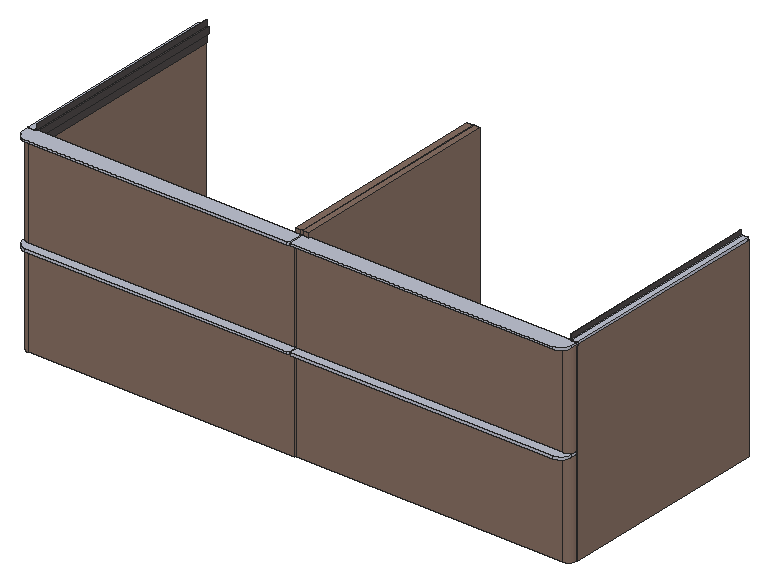
Revit family "vanity unit with 4 drawers for consoles with bowl", category Furniture, Revit 2019 (continued)
Definition of nested family "vanity unit 1360_550 with 4 drawers for consoles with bowl-54086000-high gloss white-chrome-400_content"
  Forms (mm)
    Extrusion 23, solid, visible <- "ContentVisible", detail levels medium+fine
      sketch origin (0, 0, 0) x (1, 0, 0) y (0, 0, -1)
        loop
          line (-662.5, -447) -> (-662.5, -496) -> (-661, -496) -> (-661, -483) -> (-656.4, -483) -> (-656.4, -468.5) -> (-661, -468.5) -> (-661, -447) -> (-662.5, -447)
      from -525 to 0
    Extrusion 24, solid, visible <- "ContentVisible", detail levels medium+fine
      sketch origin (0, 0, 0) x (1, 0, 0) y (0, 0, -1)
        loop
          line (656.4, -468.5) -> (656.4, -483) -> (661, -483) -> (661, -496) -> (662.5, -496) -> (662.5, -447) -> (661, -447) -> (661, -468.5) -> (656.4, -468.5)
      from -525 to 0
    Extrusion 25, solid, visible <- "ContentVisible", detail levels coarse
      sketch origin (0, -285.5, 0) x (1, 0, 0) y (0, 1, 0)
        loop
          line (-680, -285.5) -> (680, -285.5) -> (680, 285.5) -> (-680, 285.5) -> (-680, -285.5)
      from 0 to 496
  Dimensions and locks
    aligned and locked: level to plane 2
Definition of nested family "vanity unit 1360_550 with 4 drawers for consoles with bowl-54086670-high gloss white-matt_black-200_content"
  Parameters (values of type "Vanity unit 1360_550 with 4 drawers for consoles with bowl-54086670-High Gloss White-MATT_BLACK-200_Content")
    etim7_EC011381 = "EC011381"
    WEIGHT = "55.8"
    UNSPSC = "56 | Furniture and Furnishings"
    UNIFORMATII = "E2010 | Fixed Furnishings"
    UNICLASS_2015_CODE = "40_30_78_05"
    UNICLASS2015 = "Pr_40_30_78_05 | Bathroom furniture"
    SURFACE = "MATT_BLACK"
    REGIONSET = "Worldwide"
    PRODUCTURL = "https://pro.hansgrohe.com/articledetail--54086000"
    PRODUCTGROUP = "vanity unit"
    PRODUCTFAMILY = "Xelu Q"
    PERMALINK = "54086XXX"
    OMNICLASS = "23-21 19 15 33 13 | Residential Bathroom Specialty Casework"
    OBJECTTYPE = "Object (single object)"
    OBERFLAECHE = "High Gloss White"
    NN = "Vanity Unit with 4 Drawers for consoles with bowl"
    NBSYN = "$BASENUMBER.-$ARTNR.-$OBERFLAECHE.-$SURFACE.-$LODLEVEL."
    NB = "Vanity unit 1360/550 with 4 drawers for consoles with bowl-54086670-High Gloss White-MATT_BLACK-200"
    NAME = "Xelu Q Vanity unit High Gloss White 1360/550 with 4 drawers for consoles with bowl"
    Model = "Vanity unit 1360/550 with 4 drawers for consoles with bowl-54086670-High Gloss White-MATT_BLACK-200"
    Manufacturer = "Hansgrohe"
    MASTERFORMAT = "12 35 30.23 | Bathroom Casework"
    LODLEVEL = "200"
    LINA = "Vanity unit 1360/550 with 4 drawers for consoles with bowl-54086670-High Gloss White-MATT_BLACK-200"
    L = 1360
    IFC = "Furnishing element"
    GTINCODE = "4059625456972"
    ETIM = "EC011381 | Bathroom furniture set"
    Default Elevation = 1219.2 mm
    DESIGN = "Germany"
    ContentVisible [instance] = yes
    CATALOG = "Hansgrohe"
    BIMOBJECT = "Sanitary: Compound units"
    BASENUMBER = "Vanity unit 1360/550 with 4 drawers for consoles with bowl"
    ARTNR = "54086670"
  Reference planes
    plane 1 "Center (Front/Back)": y = 0
    plane 2: z = 0
    plane 3 "Center (Left/Right)": x = 0
  Forms (mm)
    Extrusion 1, solid, visible <- "ContentVisible", detail levels medium+fine
      sketch origin (0, 0, 0) x (1, 0, 0) y (0, 1, 0)
        loop
          line (-680, 0) -> (-680, -551) -> (680, -551) -> (680, 0) -> (664, 0) -> (664, -117) -> (-664, -117) -> (-664, 0) -> (-680, 0)
      from 0 to 480
    Extrusion 2, solid, visible <- "ContentVisible", detail levels medium+fine
      sketch origin (0, 0, 480) x (1, 0, 0) y (0, 1, 0)
        loop
          line (-678.5, -528.5) -> (-678.5, -571) -> (678.5, -571) -> (678.5, -528.5) -> (-678.5, -528.5)
      from 0 to 5
    Extrusion 3, solid, visible <- "ContentVisible", detail levels medium+fine
      sketch origin (0, 0, 237) x (1, 0, 0) y (0, 1, 0)
        loop
          line (-678.5, -528.5) -> (-678.5, -571) -> (678.5, -571) -> (678.5, -528.5) -> (-678.5, -528.5)
      from 0 to 5
    Extrusion 4, solid, visible <- "ContentVisible", detail levels medium+fine
      sketch origin (0, 0, 0) x (1, 0, 0) y (0, 0, -1)
        loop
          line (-664, -447) -> (-664, -485) -> (-662.5, -485) -> (-662.5, -447) -> (-664, -447)
      from -528.5 to 0
    Extrusion 5, solid, visible <- "ContentVisible", detail levels medium+fine
      sketch origin (0, 0, 0) x (1, 0, 0) y (0, 0, -1)
        loop
          line (662.5, -446.8) -> (662.5, -485) -> (664, -485) -> (664, -446.8) -> (662.5, -446.8)
      from -528.5 to 0
    Extrusion 6, solid, visible <- "ContentVisible", detail levels medium+fine
      sketch origin (0, 0, 480) x (1, 0, 0) y (0, 1, 0)
        loop
          line (-680, 0) -> (-680, -530) -> (-664, -530) -> (-664, 0) -> (-680, 0)
      from 0 to 5
    Extrusion 7, solid, visible <- "ContentVisible", detail levels medium+fine
      sketch origin (0, 0, 480) x (1, 0, 0) y (0, 1, 0)
        loop
          line (664, 0) -> (664, -530) -> (680, -530) -> (680, 0) -> (664, 0)
      from 0 to 5
    Extrusion 8, solid, visible <- "ContentVisible", detail levels medium+fine
      sketch origin (0, 0, 0) x (1, 0, 0) y (0, 0, -1)
        loop
          line (-662.5, -447) -> (-662.5, -496) -> (-656.4, -496) -> (-656.4, -447) -> (-662.5, -447)
      from -528.5 to 0
    Extrusion 9, solid, visible <- "ContentVisible", detail levels medium+fine
      sketch origin (0, 0, 0) x (1, 0, 0) y (0, 0, -1)
        loop
          line (656.4, -447) -> (656.4, -496) -> (662.5, -496) -> (662.5, -447) -> (656.4, -447)
      from -528.5 to 0
    Extrusion 10, solid, visible <- "ContentVisible", detail levels coarse
      sketch origin (0, -285.5, 0) x (1, 0, 0) y (0, 1, 0)
        loop
          line (-680, -285.5) -> (680, -285.5) -> (680, 285.5) -> (-680, 285.5) -> (-680, -285.5)
      from 0 to 496
  Dimensions and locks
    aligned and locked: level to plane 2
Definition of nested family "vanity unit 1360_550 with 4 drawers for consoles with bowl-54086670-high gloss white-matt_black-400_content"
  Parameters (values of type "Vanity unit 1360_550 with 4 drawers for consoles with bowl-54086670-High Gloss White-MATT_BLACK-400_Content")
    etim7_EC011381 = "EC011381"
    WEIGHT = "55.8"
    UNSPSC = "56 | Furniture and Furnishings"
    UNIFORMATII = "E2010 | Fixed Furnishings"
    UNICLASS_2015_CODE = "40_30_78_05"
    UNICLASS2015 = "Pr_40_30_78_05 | Bathroom furniture"
    SURFACE = "MATT_BLACK"
    REGIONSET = "Worldwide"
    PRODUCTURL = "https://pro.hansgrohe.com/articledetail--54086000"
    PRODUCTGROUP = "vanity unit"
    PRODUCTFAMILY = "Xelu Q"
    PERMALINK = "54086XXX"
    OMNICLASS = "23-21 19 15 33 13 | Residential Bathroom Specialty Casework"
    OBJECTTYPE = "Object (single object)"
    OBERFLAECHE = "High Gloss White"
    NN = "Vanity Unit with 4 Drawers for consoles with bowl"
    NBSYN = "$BASENUMBER.-$ARTNR.-$OBERFLAECHE.-$SURFACE.-$LODLEVEL."
    NB = "Vanity unit 1360/550 with 4 drawers for consoles with bowl-54086670-High Gloss White-MATT_BLACK-400"
    NAME = "Xelu Q Vanity unit High Gloss White 1360/550 with 4 drawers for consoles with bowl"
    Model = "Vanity unit 1360/550 with 4 drawers for consoles with bowl-54086670-High Gloss White-MATT_BLACK-400"
    Manufacturer = "Hansgrohe"
    MASTERFORMAT = "12 35 30.23 | Bathroom Casework"
    LODLEVEL = "400"
    LINA = "Vanity unit 1360/550 with 4 drawers for consoles with bowl-54086670-High Gloss White-MATT_BLACK-400"
    L = 1360
    IFC = "Furnishing element"
    GTINCODE = "4059625456972"
    ETIM = "EC011381 | Bathroom furniture set"
    Default Elevation = 1219.2 mm
    DESIGN = "Germany"
    ContentVisible [instance] = yes
    CATALOG = "Hansgrohe"
    BIMOBJECT = "Sanitary: Compound units"
    BASENUMBER = "Vanity unit 1360/550 with 4 drawers for consoles with bowl"
    ARTNR = "54086670"
  Reference planes
    plane 1 "Center (Front/Back)": y = 0
    plane 2: z = 0
    plane 3 "Center (Left/Right)": x = 0
  Forms (mm)
    Extrusion 1, solid, visible <- "ContentVisible", detail levels medium+fine
      sketch origin (0, 0, 0) x (1, 0, 0) y (0, 1, 0)
        loop
          line (-680, 0) -> (-680, -527)
          arc (-680, -527) -> (-679.121, -529.121) -> (-677, -530) r 3
          line (-677, -530) -> (-664, -530) -> (-664, 0) -> (-680, 0)
      from 0 to 480
    Extrusion 2, solid, visible <- "ContentVisible", detail levels medium+fine
      sketch origin (0, 0, 0) x (1, 0, 0) y (0, 1, 0)
        loop
          line (-664, -133) -> (-664, -499.5) -> (-16, -499.5) -> (-16, -133) -> (-664, -133)
      from 0 to 16
    Extrusion 3, solid, visible <- "ContentVisible", detail levels medium+fine
      sketch origin (0, 0, 0) x (1, 0, 0) y (0, 1, 0)
        loop
          line (-16, 0) -> (-16, -530) -> (-3, -530)
          arc (-3, -530) -> (-0.879, -529.121) -> (0, -527) r 3
          line (0, -527) -> (0, 0) -> (-16, 0)
      from 0 to 496
    Extrusion 4, solid, visible <- "ContentVisible", detail levels medium+fine
      sketch origin (0, 0, 0) x (1, 0, 0) y (0, 1, 0)
        loop
          line (0, 0) -> (0, -527)
          arc (0, -527) -> (0.879, -529.121) -> (3, -530) r 3
          line (3, -530) -> (16, -530) -> (16, 0) -> (0, 0)
      from 0 to 496
    Extrusion 5, solid, visible <- "ContentVisible", detail levels medium+fine
      sketch origin (0, 0, 0) x (1, 0, 0) y (0, 1, 0)
        loop
          line (16, -499.5) -> (664, -499.5) -> (664, -133) -> (16, -133) -> (16, -499.5)
      from 0 to 16
    Extrusion 6, solid, visible <- "ContentVisible", detail levels medium+fine
      sketch origin (0, 0, 0) x (1, 0, 0) y (0, 1, 0)
        loop
          line (664, 0) -> (664, -530) -> (677, -530)
          arc (677, -530) -> (679.121, -529.121) -> (680, -527) r 3
          line (680, -527) -> (680, 0) -> (664, 0)
      from 0 to 480
    Extrusion 7, solid, visible <- "ContentVisible", detail levels medium+fine
      sketch origin (0, 0, 0) x (1, 0, 0) y (0, 1, 0)
        loop
          line (-664, -117) -> (-664, -133) -> (664, -133) -> (664, -117) -> (-664, -117)
      from 0 to 126
    Extrusion 8, solid, visible <- "ContentVisible", detail levels medium+fine
      sketch origin (0, 0, 2) x (1, 0, 0) y (0, 1, 0)
        loop
          arc (-680, -532) -> (-674.435, -545.435) -> (-661, -551) r 19
          line (-661, -551) -> (-2.5, -551)
          arc (-2.5, -551) -> (-1.793, -550.707) -> (-1.5, -550) r 1
          line (-1.5, -550) -> (-1.5, -530) -> (-680, -530) -> (-680, -532)
      from 0 to 235
    Extrusion 9, solid, visible <- "ContentVisible", detail levels medium+fine
      sketch origin (0, 0, 2) x (1, 0, 0) y (0, 1, 0)
        loop
          arc (1.5, -550) -> (1.793, -550.707) -> (2.5, -551) r 1
          line (2.5, -551) -> (661, -551)
          arc (661, -551) -> (674.435, -545.435) -> (680, -532) r 19
          line (680, -532) -> (680, -530) -> (1.5, -530) -> (1.5, -550)
      from 0 to 235
    Extrusion 10, solid, visible <- "ContentVisible", detail levels medium+fine
      sketch origin (0, 0, 237) x (1, 0, 0) y (0, 1, 0)
        loop
          line (-678.5, -530) -> (-678.5, -546)
          arc (-678.5, -546) -> (-671.178, -563.678) -> (-653.5, -571) r 25
          line (-653.5, -571) -> (-4.5, -571)
          arc (-4.5, -571) -> (-2.379, -570.121) -> (-1.5, -568) r 3
          line (-1.5, -568) -> (-1.5, -528.5) -> (-658.5, -528.5) -> (-658.5, -530) -> (-678.5, -530)
      from 0 to 5
    Extrusion 11, solid, visible <- "ContentVisible", detail levels medium+fine
      sketch origin (0, 0, 237) x (1, 0, 0) y (0, 1, 0)
        loop
          arc (1.5, -568) -> (2.379, -570.121) -> (4.5, -571) r 3
          line (4.5, -571) -> (653.5, -571)
          arc (653.5, -571) -> (671.178, -563.678) -> (678.5, -546) r 25
          line (678.5, -546) -> (678.5, -530) -> (658.5, -530) -> (658.5, -528.5) -> (1.5, -528.5) -> (1.5, -568)
      from 0 to 5
    Extrusion 12, solid, visible <- "ContentVisible", detail levels medium+fine
      sketch origin (0, 0, 245) x (1, 0, 0) y (0, 1, 0)
        loop
          arc (-680, -532) -> (-674.435, -545.435) -> (-661, -551) r 19
          line (-661, -551) -> (-2.5, -551)
          arc (-2.5, -551) -> (-1.793, -550.707) -> (-1.5, -550) r 1
          line (-1.5, -550) -> (-1.5, -530) -> (-680, -530) -> (-680, -532)
      from 0 to 235
    Extrusion 13, solid, visible <- "ContentVisible", detail levels medium+fine
      sketch origin (0, 0, 245) x (1, 0, 0) y (0, 1, 0)
        loop
          arc (1.5, -550) -> (1.793, -550.707) -> (2.5, -551) r 1
          line (2.5, -551) -> (661, -551)
          arc (661, -551) -> (674.435, -545.435) -> (680, -532) r 19
          line (680, -532) -> (680, -530) -> (1.5, -530) -> (1.5, -550)
      from 0 to 235
    Extrusion 14, solid, visible <- "ContentVisible", detail levels medium+fine
      sketch origin (0, 0, 480) x (1, 0, 0) y (0, 1, 0)
        loop
          line (-678.5, -530) -> (-678.5, -546)
          arc (-678.5, -546) -> (-671.178, -563.678) -> (-653.5, -571) r 25
          line (-653.5, -571) -> (-4.5, -571)
          arc (-4.5, -571) -> (-2.379, -570.121) -> (-1.5, -568) r 3
          line (-1.5, -568) -> (-1.5, -528.5) -> (-658.5, -528.5) -> (-658.5, -530) -> (-678.5, -530)
      from 0 to 5
    Extrusion 15, solid, visible <- "ContentVisible", detail levels medium+fine
      sketch origin (0, 0, 480) x (1, 0, 0) y (0, 1, 0)
        loop
          arc (1.5, -568) -> (2.379, -570.121) -> (4.5, -571) r 3
          line (4.5, -571) -> (653.5, -571)
          arc (653.5, -571) -> (671.178, -563.678) -> (678.5, -546) r 25
          line (678.5, -546) -> (678.5, -530) -> (658.5, -530) -> (658.5, -528.5) -> (1.5, -528.5) -> (1.5, -568)
      from 0 to 5
    Extrusion 16, solid, visible <- "ContentVisible", detail levels medium+fine
      sketch origin (-1.5, 0, 0) x (0, 0, -1) y (0, 1, 0)
        loop
          line (-480, -528.5) -> (-480, -530) -> (-450, -530) -> (-450, -528.5) -> (-480, -528.5)
      from -664 to 0
    Extrusion 17, solid, visible <- "ContentVisible", detail levels medium+fine
      sketch origin (1.5, 0, 0) x (0, 0, -1) y (0, 1, 0)
        loop
          line (-480, -528.5) -> (-480, -530) -> (-450, -530) -> (-450, -528.5) -> (-480, -528.5)
      from 0 to 664
    Extrusion 18, solid, visible <- "ContentVisible", detail levels medium+fine
      sketch origin (1.5, 0, 0) x (0, 0, -1) y (0, 1, 0)
        loop
          line (-242, -528.5) -> (-242, -530) -> (-212, -530) -> (-212, -528.5) -> (-242, -528.5)
      from -664 to 664
    Extrusion 19, solid, visible <- "ContentVisible", detail levels medium+fine
      sketch origin (0, 0, 0) x (1, 0, 0) y (0, 0, -1)
        loop
          line (-664, -447) -> (-664, -485) -> (-662.5, -485) -> (-662.5, -447) -> (-664, -447)
      from -528.5 to 0
    Extrusion 20, solid, visible <- "ContentVisible", detail levels medium+fine
      sketch origin (0, 0, 0) x (1, 0, 0) y (0, 0, -1)
        loop
          line (662.5, -446.8) -> (662.5, -485) -> (664, -485) -> (664, -446.8) -> (662.5, -446.8)
      from -528.5 to 0
    Extrusion 21, solid, visible <- "ContentVisible", detail levels medium+fine
      sketch origin (0, 0, 480) x (1, 0, 0) y (0, 1, 0)
        loop
          line (-680, -3) -> (-680, -527)
          arc (-680, -527) -> (-679.121, -529.121) -> (-677, -530) r 3
          line (-677, -530) -> (-664, -530) -> (-664, 0) -> (-677, 0)
          arc (-677, 0) -> (-679.121, -0.879) -> (-680, -3) r 3
      from 0 to 5
    Extrusion 22, solid, visible <- "ContentVisible", detail levels medium+fine
      sketch origin (0, 0, 480) x (1, 0, 0) y (0, 1, 0)
        loop
          line (664, 0) -> (664, -530) -> (677, -530)
          arc (677, -530) -> (679.121, -529.121) -> (680, -527) r 3
          line (680, -527) -> (680, -3)
          arc (680, -3) -> (679.121, -0.879) -> (677, 0) r 3
          line (677, 0) -> (664, 0)
      from 0 to 5
    Extrusion 23, solid, visible <- "ContentVisible", detail levels medium+fine
      sketch origin (0, 0, 0) x (1, 0, 0) y (0, 0, -1)
        loop
          line (-662.5, -447) -> (-662.5, -496) -> (-661, -496) -> (-661, -483) -> (-656.4, -483) -> (-656.4, -468.5) -> (-661, -468.5) -> (-661, -447) -> (-662.5, -447)
      from -525 to 0
    Extrusion 24, solid, visible <- "ContentVisible", detail levels medium+fine
      sketch origin (0, 0, 0) x (1, 0, 0) y (0, 0, -1)
        loop
          line (656.4, -468.5) -> (656.4, -483) -> (661, -483) -> (661, -496) -> (662.5, -496) -> (662.5, -447) -> (661, -447) -> (661, -468.5) -> (656.4, -468.5)
      from -525 to 0
    Extrusion 25, solid, visible <- "ContentVisible", detail levels coarse
      sketch origin (0, -285.5, 0) x (1, 0, 0) y (0, 1, 0)
        loop
          line (-680, -285.5) -> (680, -285.5) -> (680, 285.5) -> (-680, 285.5) -> (-680, -285.5)
      from 0 to 496
  Dimensions and locks
    aligned and locked: level to plane 2
Definition of nested family "vanity unit 1360_550 with 4 drawers for consoles with bowl-54086700-high gloss white-matt_white-200_content"
  Parameters (values of type "Vanity unit 1360_550 with 4 drawers for consoles with bowl-54086700-High Gloss White-MATT_WHITE-200_Content")
    etim7_EC011381 = "EC011381"
    WEIGHT = "55.8"
    UNSPSC = "56 | Furniture and Furnishings"
    UNIFORMATII = "E2010 | Fixed Furnishings"
    UNICLASS_2015_CODE = "40_30_78_05"
    UNICLASS2015 = "Pr_40_30_78_05 | Bathroom furniture"
    SURFACE = "MATT_WHITE"
    REGIONSET = "Worldwide"
    PRODUCTURL = "https://pro.hansgrohe.com/articledetail--54086000"
    PRODUCTGROUP = "vanity unit"
    PRODUCTFAMILY = "Xelu Q"
    PERMALINK = "54086XXX"
    OMNICLASS = "23-21 19 15 33 13 | Residential Bathroom Specialty Casework"
    OBJECTTYPE = "Object (single object)"
    OBERFLAECHE = "High Gloss White"
    NN = "Vanity Unit with 4 Drawers for consoles with bowl"
    NBSYN = "$BASENUMBER.-$ARTNR.-$OBERFLAECHE.-$SURFACE.-$LODLEVEL."
    NB = "Vanity unit 1360/550 with 4 drawers for consoles with bowl-54086700-High Gloss White-MATT_WHITE-200"
    NAME = "Xelu Q Vanity unit High Gloss White 1360/550 with 4 drawers for consoles with bowl"
    Model = "Vanity unit 1360/550 with 4 drawers for consoles with bowl-54086700-High Gloss White-MATT_WHITE-200"
    Manufacturer = "Hansgrohe"
    MASTERFORMAT = "12 35 30.23 | Bathroom Casework"
    LODLEVEL = "200"
    LINA = "Vanity unit 1360/550 with 4 drawers for consoles with bowl-54086700-High Gloss White-MATT_WHITE-200"
    L = 1360
    IFC = "Furnishing element"
    GTINCODE = "4059625456972"
    ETIM = "EC011381 | Bathroom furniture set"
    Default Elevation = 1219.2 mm
    DESIGN = "Germany"
    ContentVisible [instance] = yes
    CATALOG = "Hansgrohe"
    BIMOBJECT = "Sanitary: Compound units"
    BASENUMBER = "Vanity unit 1360/550 with 4 drawers for consoles with bowl"
    ARTNR = "54086700"
  Reference planes
    plane 1 "Center (Front/Back)": y = 0
    plane 2: z = 0
    plane 3 "Center (Left/Right)": x = 0
  Forms (mm)
    Extrusion 1, solid, visible <- "ContentVisible", detail levels medium+fine
      sketch origin (0, 0, 0) x (1, 0, 0) y (0, 1, 0)
        loop
          line (-680, 0) -> (-680, -551) -> (680, -551) -> (680, 0) -> (664, 0) -> (664, -117) -> (-664, -117) -> (-664, 0) -> (-680, 0)
      from 0 to 480
    Extrusion 2, solid, visible <- "ContentVisible", detail levels medium+fine
      sketch origin (0, 0, 480) x (1, 0, 0) y (0, 1, 0)
        loop
          line (-678.5, -528.5) -> (-678.5, -571) -> (678.5, -571) -> (678.5, -528.5) -> (-678.5, -528.5)
      from 0 to 5
    Extrusion 3, solid, visible <- "ContentVisible", detail levels medium+fine
      sketch origin (0, 0, 237) x (1, 0, 0) y (0, 1, 0)
        loop
          line (-678.5, -528.5) -> (-678.5, -571) -> (678.5, -571) -> (678.5, -528.5) -> (-678.5, -528.5)
      from 0 to 5
    Extrusion 4, solid, visible <- "ContentVisible", detail levels medium+fine
      sketch origin (0, 0, 0) x (1, 0, 0) y (0, 0, -1)
        loop
          line (-664, -447) -> (-664, -485) -> (-662.5, -485) -> (-662.5, -447) -> (-664, -447)
      from -528.5 to 0
    Extrusion 5, solid, visible <- "ContentVisible", detail levels medium+fine
      sketch origin (0, 0, 0) x (1, 0, 0) y (0, 0, -1)
        loop
          line (662.5, -446.8) -> (662.5, -485) -> (664, -485) -> (664, -446.8) -> (662.5, -446.8)
      from -528.5 to 0
    Extrusion 6, solid, visible <- "ContentVisible", detail levels medium+fine
      sketch origin (0, 0, 480) x (1, 0, 0) y (0, 1, 0)
        loop
          line (-680, 0) -> (-680, -530) -> (-664, -530) -> (-664, 0) -> (-680, 0)
      from 0 to 5
    Extrusion 7, solid, visible <- "ContentVisible", detail levels medium+fine
      sketch origin (0, 0, 480) x (1, 0, 0) y (0, 1, 0)
        loop
          line (664, 0) -> (664, -530) -> (680, -530) -> (680, 0) -> (664, 0)
      from 0 to 5
    Extrusion 8, solid, visible <- "ContentVisible", detail levels medium+fine
      sketch origin (0, 0, 0) x (1, 0, 0) y (0, 0, -1)
        loop
          line (-662.5, -447) -> (-662.5, -496) -> (-656.4, -496) -> (-656.4, -447) -> (-662.5, -447)
      from -528.5 to 0
    Extrusion 9, solid, visible <- "ContentVisible", detail levels medium+fine
      sketch origin (0, 0, 0) x (1, 0, 0) y (0, 0, -1)
        loop
          line (656.4, -447) -> (656.4, -496) -> (662.5, -496) -> (662.5, -447) -> (656.4, -447)
      from -528.5 to 0
    Extrusion 10, solid, visible <- "ContentVisible", detail levels coarse
      sketch origin (0, -285.5, 0) x (1, 0, 0) y (0, 1, 0)
        loop
          line (-680, -285.5) -> (680, -285.5) -> (680, 285.5) -> (-680, 285.5) -> (-680, -285.5)
      from 0 to 496
  Dimensions and locks
    aligned and locked: level to plane 2
Definition of nested family "vanity unit 1360_550 with 4 drawers for consoles with bowl-54086700-high gloss white-matt_white-400_content"
  Parameters (values of type "Vanity unit 1360_550 with 4 drawers for consoles with bowl-54086700-High Gloss White-MATT_WHITE-400_Content")
    etim7_EC011381 = "EC011381"
    WEIGHT = "55.8"
    UNSPSC = "56 | Furniture and Furnishings"
    UNIFORMATII = "E2010 | Fixed Furnishings"
    UNICLASS_2015_CODE = "40_30_78_05"
    UNICLASS2015 = "Pr_40_30_78_05 | Bathroom furniture"
    SURFACE = "MATT_WHITE"
    REGIONSET = "Worldwide"
    PRODUCTURL = "https://pro.hansgrohe.com/articledetail--54086000"
    PRODUCTGROUP = "vanity unit"
    PRODUCTFAMILY = "Xelu Q"
    PERMALINK = "54086XXX"
    OMNICLASS = "23-21 19 15 33 13 | Residential Bathroom Specialty Casework"
    OBJECTTYPE = "Object (single object)"
    OBERFLAECHE = "High Gloss White"
    NN = "Vanity Unit with 4 Drawers for consoles with bowl"
    NBSYN = "$BASENUMBER.-$ARTNR.-$OBERFLAECHE.-$SURFACE.-$LODLEVEL."
    NB = "Vanity unit 1360/550 with 4 drawers for consoles with bowl-54086700-High Gloss White-MATT_WHITE-400"
    NAME = "Xelu Q Vanity unit High Gloss White 1360/550 with 4 drawers for consoles with bowl"
    Model = "Vanity unit 1360/550 with 4 drawers for consoles with bowl-54086700-High Gloss White-MATT_WHITE-400"
    Manufacturer = "Hansgrohe"
    MASTERFORMAT = "12 35 30.23 | Bathroom Casework"
    LODLEVEL = "400"
    LINA = "Vanity unit 1360/550 with 4 drawers for consoles with bowl-54086700-High Gloss White-MATT_WHITE-400"
    L = 1360
    IFC = "Furnishing element"
    GTINCODE = "4059625456972"
    ETIM = "EC011381 | Bathroom furniture set"
    Default Elevation = 1219.2 mm
    DESIGN = "Germany"
    ContentVisible [instance] = yes
    CATALOG = "Hansgrohe"
    BIMOBJECT = "Sanitary: Compound units"
    BASENUMBER = "Vanity unit 1360/550 with 4 drawers for consoles with bowl"
    ARTNR = "54086700"
  Reference planes
    plane 1 "Center (Front/Back)": y = 0
    plane 2: z = 0
    plane 3 "Center (Left/Right)": x = 0
  Forms (mm)
    Extrusion 1, solid, visible <- "ContentVisible", detail levels medium+fine
      sketch origin (0, 0, 0) x (1, 0, 0) y (0, 1, 0)
        loop
          line (-680, 0) -> (-680, -527)
          arc (-680, -527) -> (-679.121, -529.121) -> (-677, -530) r 3
          line (-677, -530) -> (-664, -530) -> (-664, 0) -> (-680, 0)
      from 0 to 480
    Extrusion 2, solid, visible <- "ContentVisible", detail levels medium+fine
      sketch origin (0, 0, 0) x (1, 0, 0) y (0, 1, 0)
        loop
          line (-664, -133) -> (-664, -499.5) -> (-16, -499.5) -> (-16, -133) -> (-664, -133)
      from 0 to 16
    Extrusion 3, solid, visible <- "ContentVisible", detail levels medium+fine
      sketch origin (0, 0, 0) x (1, 0, 0) y (0, 1, 0)
        loop
          line (-16, 0) -> (-16, -530) -> (-3, -530)
          arc (-3, -530) -> (-0.879, -529.121) -> (0, -527) r 3
          line (0, -527) -> (0, 0) -> (-16, 0)
      from 0 to 496
    Extrusion 4, solid, visible <- "ContentVisible", detail levels medium+fine
      sketch origin (0, 0, 0) x (1, 0, 0) y (0, 1, 0)
        loop
          line (0, 0) -> (0, -527)
          arc (0, -527) -> (0.879, -529.121) -> (3, -530) r 3
          line (3, -530) -> (16, -530) -> (16, 0) -> (0, 0)
      from 0 to 496
    Extrusion 5, solid, visible <- "ContentVisible", detail levels medium+fine
      sketch origin (0, 0, 0) x (1, 0, 0) y (0, 1, 0)
        loop
          line (16, -499.5) -> (664, -499.5) -> (664, -133) -> (16, -133) -> (16, -499.5)
      from 0 to 16
    Extrusion 6, solid, visible <- "ContentVisible", detail levels medium+fine
      sketch origin (0, 0, 0) x (1, 0, 0) y (0, 1, 0)
        loop
          line (664, 0) -> (664, -530) -> (677, -530)
          arc (677, -530) -> (679.121, -529.121) -> (680, -527) r 3
          line (680, -527) -> (680, 0) -> (664, 0)
      from 0 to 480
    Extrusion 7, solid, visible <- "ContentVisible", detail levels medium+fine
      sketch origin (0, 0, 0) x (1, 0, 0) y (0, 1, 0)
        loop
          line (-664, -117) -> (-664, -133) -> (664, -133) -> (664, -117) -> (-664, -117)
      from 0 to 126
    Extrusion 8, solid, visible <- "ContentVisible", detail levels medium+fine
      sketch origin (0, 0, 2) x (1, 0, 0) y (0, 1, 0)
        loop
          arc (-680, -532) -> (-674.435, -545.435) -> (-661, -551) r 19
          line (-661, -551) -> (-2.5, -551)
          arc (-2.5, -551) -> (-1.793, -550.707) -> (-1.5, -550) r 1
          line (-1.5, -550) -> (-1.5, -530) -> (-680, -530) -> (-680, -532)
      from 0 to 235
    Extrusion 9, solid, visible <- "ContentVisible", detail levels medium+fine
      sketch origin (0, 0, 2) x (1, 0, 0) y (0, 1, 0)
        loop
          arc (1.5, -550) -> (1.793, -550.707) -> (2.5, -551) r 1
          line (2.5, -551) -> (661, -551)
          arc (661, -551) -> (674.435, -545.435) -> (680, -532) r 19
          line (680, -532) -> (680, -530) -> (1.5, -530) -> (1.5, -550)
      from 0 to 235
    Extrusion 10, solid, visible <- "ContentVisible", detail levels medium+fine
      sketch origin (0, 0, 237) x (1, 0, 0) y (0, 1, 0)
        loop
          line (-678.5, -530) -> (-678.5, -546)
          arc (-678.5, -546) -> (-671.178, -563.678) -> (-653.5, -571) r 25
          line (-653.5, -571) -> (-4.5, -571)
          arc (-4.5, -571) -> (-2.379, -570.121) -> (-1.5, -568) r 3
          line (-1.5, -568) -> (-1.5, -528.5) -> (-658.5, -528.5) -> (-658.5, -530) -> (-678.5, -530)
      from 0 to 5
    Extrusion 11, solid, visible <- "ContentVisible", detail levels medium+fine
      sketch origin (0, 0, 237) x (1, 0, 0) y (0, 1, 0)
        loop
          arc (1.5, -568) -> (2.379, -570.121) -> (4.5, -571) r 3
          line (4.5, -571) -> (653.5, -571)
          arc (653.5, -571) -> (671.178, -563.678) -> (678.5, -546) r 25
          line (678.5, -546) -> (678.5, -530) -> (658.5, -530) -> (658.5, -528.5) -> (1.5, -528.5) -> (1.5, -568)
      from 0 to 5
    Extrusion 12, solid, visible <- "ContentVisible", detail levels medium+fine
      sketch origin (0, 0, 245) x (1, 0, 0) y (0, 1, 0)
        loop
          arc (-680, -532) -> (-674.435, -545.435) -> (-661, -551) r 19
          line (-661, -551) -> (-2.5, -551)
          arc (-2.5, -551) -> (-1.793, -550.707) -> (-1.5, -550) r 1
          line (-1.5, -550) -> (-1.5, -530) -> (-680, -530) -> (-680, -532)
      from 0 to 235
    Extrusion 13, solid, visible <- "ContentVisible", detail levels medium+fine
      sketch origin (0, 0, 245) x (1, 0, 0) y (0, 1, 0)
        loop
          arc (1.5, -550) -> (1.793, -550.707) -> (2.5, -551) r 1
          line (2.5, -551) -> (661, -551)
          arc (661, -551) -> (674.435, -545.435) -> (680, -532) r 19
          line (680, -532) -> (680, -530) -> (1.5, -530) -> (1.5, -550)
      from 0 to 235
    Extrusion 14, solid, visible <- "ContentVisible", detail levels medium+fine
      sketch origin (0, 0, 480) x (1, 0, 0) y (0, 1, 0)
        loop
          line (-678.5, -530) -> (-678.5, -546)
          arc (-678.5, -546) -> (-671.178, -563.678) -> (-653.5, -571) r 25
          line (-653.5, -571) -> (-4.5, -571)
          arc (-4.5, -571) -> (-2.379, -570.121) -> (-1.5, -568) r 3
          line (-1.5, -568) -> (-1.5, -528.5) -> (-658.5, -528.5) -> (-658.5, -530) -> (-678.5, -530)
      from 0 to 5
    Extrusion 15, solid, visible <- "ContentVisible", detail levels medium+fine
      sketch origin (0, 0, 480) x (1, 0, 0) y (0, 1, 0)
        loop
          arc (1.5, -568) -> (2.379, -570.121) -> (4.5, -571) r 3
          line (4.5, -571) -> (653.5, -571)
          arc (653.5, -571) -> (671.178, -563.678) -> (678.5, -546) r 25
          line (678.5, -546) -> (678.5, -530) -> (658.5, -530) -> (658.5, -528.5) -> (1.5, -528.5) -> (1.5, -568)
      from 0 to 5
    Extrusion 16, solid, visible <- "ContentVisible", detail levels medium+fine
      sketch origin (-1.5, 0, 0) x (0, 0, -1) y (0, 1, 0)
        loop
          line (-480, -528.5) -> (-480, -530) -> (-450, -530) -> (-450, -528.5) -> (-480, -528.5)
      from -664 to 0
    Extrusion 17, solid, visible <- "ContentVisible", detail levels medium+fine
      sketch origin (1.5, 0, 0) x (0, 0, -1) y (0, 1, 0)
        loop
          line (-480, -528.5) -> (-480, -530) -> (-450, -530) -> (-450, -528.5) -> (-480, -528.5)
      from 0 to 664
    Extrusion 18, solid, visible <- "ContentVisible", detail levels medium+fine
      sketch origin (1.5, 0, 0) x (0, 0, -1) y (0, 1, 0)
        loop
          line (-242, -528.5) -> (-242, -530) -> (-212, -530) -> (-212, -528.5) -> (-242, -528.5)
      from -664 to 664
    Extrusion 19, solid, visible <- "ContentVisible", detail levels medium+fine
      sketch origin (0, 0, 0) x (1, 0, 0) y (0, 0, -1)
        loop
          line (-664, -447) -> (-664, -485) -> (-662.5, -485) -> (-662.5, -447) -> (-664, -447)
      from -528.5 to 0
    Extrusion 20, solid, visible <- "ContentVisible", detail levels medium+fine
      sketch origin (0, 0, 0) x (1, 0, 0) y (0, 0, -1)
        loop
          line (662.5, -446.8) -> (662.5, -485) -> (664, -485) -> (664, -446.8) -> (662.5, -446.8)
      from -528.5 to 0
    Extrusion 21, solid, visible <- "ContentVisible", detail levels medium+fine
      sketch origin (0, 0, 480) x (1, 0, 0) y (0, 1, 0)
        loop
          line (-680, -3) -> (-680, -527)
          arc (-680, -527) -> (-679.121, -529.121) -> (-677, -530) r 3
          line (-677, -530) -> (-664, -530) -> (-664, 0) -> (-677, 0)
          arc (-677, 0) -> (-679.121, -0.879) -> (-680, -3) r 3
      from 0 to 5
    Extrusion 22, solid, visible <- "ContentVisible", detail levels medium+fine
      sketch origin (0, 0, 480) x (1, 0, 0) y (0, 1, 0)
        loop
          line (664, 0) -> (664, -530) -> (677, -530)
          arc (677, -530) -> (679.121, -529.121) -> (680, -527) r 3
          line (680, -527) -> (680, -3)
          arc (680, -3) -> (679.121, -0.879) -> (677, 0) r 3
          line (677, 0) -> (664, 0)
      from 0 to 5
    Extrusion 23, solid, visible <- "ContentVisible", detail levels medium+fine
      sketch origin (0, 0, 0) x (1, 0, 0) y (0, 0, -1)
        loop
          line (-662.5, -447) -> (-662.5, -496) -> (-661, -496) -> (-661, -483) -> (-656.4, -483) -> (-656.4, -468.5) -> (-661, -468.5) -> (-661, -447) -> (-662.5, -447)
      from -525 to 0
    Extrusion 24, solid, visible <- "ContentVisible", detail levels medium+fine
      sketch origin (0, 0, 0) x (1, 0, 0) y (0, 0, -1)
        loop
          line (656.4, -468.5) -> (656.4, -483) -> (661, -483) -> (661, -496) -> (662.5, -496) -> (662.5, -447) -> (661, -447) -> (661, -468.5) -> (656.4, -468.5)
      from -525 to 0
    Extrusion 25, solid, visible <- "ContentVisible", detail levels coarse
      sketch origin (0, -285.5, 0) x (1, 0, 0) y (0, 1, 0)
        loop
          line (-680, -285.5) -> (680, -285.5) -> (680, 285.5) -> (-680, 285.5) -> (-680, -285.5)
      from 0 to 496
  Dimensions and locks
    aligned and locked: level to plane 2
Definition of nested family "vanity unit 1360_550 with 4 drawers for consoles with bowl-54087000-diamond matt grey-chrome-200_content"
  Parameters (values of type "Vanity unit 1360_550 with 4 drawers for consoles with bowl-54087000-Diamond Matt Grey-CHROME-200_Content")
    etim7_EC011381 = "EC011381"
    WEIGHT = "55.8"
    UNSPSC = "56 | Furniture and Furnishings"
    UNIFORMATII = "E2010 | Fixed Furnishings"
    UNICLASS_2015_CODE = "40_30_78_05"
    UNICLASS2015 = "Pr_40_30_78_05 | Bathroom furniture"
    SURFACE = "CHROME"
    REGIONSET = "Worldwide"
    PRODUCTURL = "https://pro.hansgrohe.com/articledetail--54087000"
    PRODUCTGROUP = "vanity unit"
    PRODUCTFAMILY = "Xelu Q"
    PERMALINK = "54087XXX"
    OMNICLASS = "23-21 19 15 33 13 | Residential Bathroom Specialty Casework"
    OBJECTTYPE = "Object (single object)"
    OBERFLAECHE = "Diamond Matt Grey"
    NN = "Vanity Unit with 4 Drawers for consoles with bowl"
    NBSYN = "$BASENUMBER.-$ARTNR.-$OBERFLAECHE.-$SURFACE.-$LODLEVEL."
    NB = "Vanity unit 1360/550 with 4 drawers for consoles with bowl-54087000-Diamond Matt Grey-CHROME-200"
    NAME = "Xelu Q Vanity unit Diamond Matt Grey 1360/550 with 4 drawers for consoles with bowl"
    Model = "Vanity unit 1360/550 with 4 drawers for consoles with bowl-54087000-Diamond Matt Grey-CHROME-200"
    Manufacturer = "Hansgrohe"
    MASTERFORMAT = "12 35 30.23 | Bathroom Casework"
    LODLEVEL = "200"
    LINA = "Vanity unit 1360/550 with 4 drawers for consoles with bowl-54087000-Diamond Matt Grey-CHROME-200"
    L = 1360
    IFC = "Furnishing element"
    GTINCODE = "4059625456941"
    ETIM = "EC011381 | Bathroom furniture set"
    Default Elevation = 1219.2 mm
    DESIGN = "Germany"
    ContentVisible [instance] = yes
    CATALOG = "Hansgrohe"
    BIMOBJECT = "Sanitary: Compound units"
    BASENUMBER = "Vanity unit 1360/550 with 4 drawers for consoles with bowl"
    ARTNR = "54087000"
  Reference planes
    plane 1 "Center (Front/Back)": y = 0
    plane 2: z = 0
    plane 3 "Center (Left/Right)": x = 0
  Forms (mm)
    Extrusion 1, solid, visible <- "ContentVisible", detail levels medium+fine
      sketch origin (0, 0, 0) x (1, 0, 0) y (0, 1, 0)
        loop
          line (-680, 0) -> (-680, -551) -> (680, -551) -> (680, 0) -> (664, 0) -> (664, -117) -> (-664, -117) -> (-664, 0) -> (-680, 0)
      from 0 to 480
    Extrusion 2, solid, visible <- "ContentVisible", detail levels medium+fine
      sketch origin (0, 0, 480) x (1, 0, 0) y (0, 1, 0)
        loop
          line (-678.5, -528.5) -> (-678.5, -571) -> (678.5, -571) -> (678.5, -528.5) -> (-678.5, -528.5)
      from 0 to 5
    Extrusion 3, solid, visible <- "ContentVisible", detail levels medium+fine
      sketch origin (0, 0, 237) x (1, 0, 0) y (0, 1, 0)
        loop
          line (-678.5, -528.5) -> (-678.5, -571) -> (678.5, -571) -> (678.5, -528.5) -> (-678.5, -528.5)
      from 0 to 5
    Extrusion 4, solid, visible <- "ContentVisible", detail levels medium+fine
      sketch origin (0, 0, 0) x (1, 0, 0) y (0, 0, -1)
        loop
          line (-664, -447) -> (-664, -485) -> (-662.5, -485) -> (-662.5, -447) -> (-664, -447)
      from -528.5 to 0
    Extrusion 5, solid, visible <- "ContentVisible", detail levels medium+fine
      sketch origin (0, 0, 0) x (1, 0, 0) y (0, 0, -1)
        loop
          line (662.5, -446.8) -> (662.5, -485) -> (664, -485) -> (664, -446.8) -> (662.5, -446.8)
      from -528.5 to 0
    Extrusion 6, solid, visible <- "ContentVisible", detail levels medium+fine
      sketch origin (0, 0, 480) x (1, 0, 0) y (0, 1, 0)
        loop
          line (-680, 0) -> (-680, -530) -> (-664, -530) -> (-664, 0) -> (-680, 0)
      from 0 to 5
    Extrusion 7, solid, visible <- "ContentVisible", detail levels medium+fine
      sketch origin (0, 0, 480) x (1, 0, 0) y (0, 1, 0)
        loop
          line (664, 0) -> (664, -530) -> (680, -530) -> (680, 0) -> (664, 0)
      from 0 to 5
    Extrusion 8, solid, visible <- "ContentVisible", detail levels medium+fine
      sketch origin (0, 0, 0) x (1, 0, 0) y (0, 0, -1)
        loop
          line (-662.5, -447) -> (-662.5, -496) -> (-656.4, -496) -> (-656.4, -447) -> (-662.5, -447)
      from -528.5 to 0
    Extrusion 9, solid, visible <- "ContentVisible", detail levels medium+fine
      sketch origin (0, 0, 0) x (1, 0, 0) y (0, 0, -1)
        loop
          line (656.4, -447) -> (656.4, -496) -> (662.5, -496) -> (662.5, -447) -> (656.4, -447)
      from -528.5 to 0
    Extrusion 10, solid, visible <- "ContentVisible", detail levels coarse
      sketch origin (0, -285.5, 0) x (1, 0, 0) y (0, 1, 0)
        loop
          line (-680, -285.5) -> (680, -285.5) -> (680, 285.5) -> (-680, 285.5) -> (-680, -285.5)
      from 0 to 496
  Dimensions and locks
    aligned and locked: level to plane 2
Definition of nested family "vanity unit 1360_550 with 4 drawers for consoles with bowl-54087000-diamond matt grey-chrome-400_content"
  Parameters (values of type "Vanity unit 1360_550 with 4 drawers for consoles with bowl-54087000-Diamond Matt Grey-CHROME-400_Content")
    etim7_EC011381 = "EC011381"
    WEIGHT = "55.8"
    UNSPSC = "56 | Furniture and Furnishings"
    UNIFORMATII = "E2010 | Fixed Furnishings"
    UNICLASS_2015_CODE = "40_30_78_05"
    UNICLASS2015 = "Pr_40_30_78_05 | Bathroom furniture"
    SURFACE = "CHROME"
    REGIONSET = "Worldwide"
    PRODUCTURL = "https://pro.hansgrohe.com/articledetail--54087000"
    PRODUCTGROUP = "vanity unit"
    PRODUCTFAMILY = "Xelu Q"
    PERMALINK = "54087XXX"
    OMNICLASS = "23-21 19 15 33 13 | Residential Bathroom Specialty Casework"
    OBJECTTYPE = "Object (single object)"
    OBERFLAECHE = "Diamond Matt Grey"
    NN = "Vanity Unit with 4 Drawers for consoles with bowl"
    NBSYN = "$BASENUMBER.-$ARTNR.-$OBERFLAECHE.-$SURFACE.-$LODLEVEL."
    NB = "Vanity unit 1360/550 with 4 drawers for consoles with bowl-54087000-Diamond Matt Grey-CHROME-400"
    NAME = "Xelu Q Vanity unit Diamond Matt Grey 1360/550 with 4 drawers for consoles with bowl"
    Model = "Vanity unit 1360/550 with 4 drawers for consoles with bowl-54087000-Diamond Matt Grey-CHROME-400"
    Manufacturer = "Hansgrohe"
    MASTERFORMAT = "12 35 30.23 | Bathroom Casework"
    LODLEVEL = "400"
    LINA = "Vanity unit 1360/550 with 4 drawers for consoles with bowl-54087000-Diamond Matt Grey-CHROME-400"
    L = 1360
    IFC = "Furnishing element"
    GTINCODE = "4059625456941"
    ETIM = "EC011381 | Bathroom furniture set"
    Default Elevation = 1219.2 mm
    DESIGN = "Germany"
    ContentVisible [instance] = yes
    CATALOG = "Hansgrohe"
    BIMOBJECT = "Sanitary: Compound units"
    BASENUMBER = "Vanity unit 1360/550 with 4 drawers for consoles with bowl"
    ARTNR = "54087000"
  Reference planes
    plane 1 "Center (Front/Back)": y = 0
    plane 2: z = 0
    plane 3 "Center (Left/Right)": x = 0
  Forms (mm)
    Extrusion 1, solid, visible <- "ContentVisible", detail levels medium+fine
      sketch origin (0, 0, 0) x (1, 0, 0) y (0, 1, 0)
        loop
          line (-680, 0) -> (-680, -527)
          arc (-680, -527) -> (-679.121, -529.121) -> (-677, -530) r 3
          line (-677, -530) -> (-664, -530) -> (-664, 0) -> (-680, 0)
      from 0 to 480
    Extrusion 2, solid, visible <- "ContentVisible", detail levels medium+fine
      sketch origin (0, 0, 0) x (1, 0, 0) y (0, 1, 0)
        loop
          line (-664, -133) -> (-664, -499.5) -> (-16, -499.5) -> (-16, -133) -> (-664, -133)
      from 0 to 16
    Extrusion 3, solid, visible <- "ContentVisible", detail levels medium+fine
      sketch origin (0, 0, 0) x (1, 0, 0) y (0, 1, 0)
        loop
          line (-16, 0) -> (-16, -530) -> (-3, -530)
          arc (-3, -530) -> (-0.879, -529.121) -> (0, -527) r 3
          line (0, -527) -> (0, 0) -> (-16, 0)
      from 0 to 496
    Extrusion 4, solid, visible <- "ContentVisible", detail levels medium+fine
      sketch origin (0, 0, 0) x (1, 0, 0) y (0, 1, 0)
        loop
          line (0, 0) -> (0, -527)
          arc (0, -527) -> (0.879, -529.121) -> (3, -530) r 3
          line (3, -530) -> (16, -530) -> (16, 0) -> (0, 0)
      from 0 to 496
    Extrusion 5, solid, visible <- "ContentVisible", detail levels medium+fine
      sketch origin (0, 0, 0) x (1, 0, 0) y (0, 1, 0)
        loop
          line (16, -499.5) -> (664, -499.5) -> (664, -133) -> (16, -133) -> (16, -499.5)
      from 0 to 16
    Extrusion 6, solid, visible <- "ContentVisible", detail levels medium+fine
      sketch origin (0, 0, 0) x (1, 0, 0) y (0, 1, 0)
        loop
          line (664, 0) -> (664, -530) -> (677, -530)
          arc (677, -530) -> (679.121, -529.121) -> (680, -527) r 3
          line (680, -527) -> (680, 0) -> (664, 0)
      from 0 to 480
    Extrusion 7, solid, visible <- "ContentVisible", detail levels medium+fine
      sketch origin (0, 0, 0) x (1, 0, 0) y (0, 1, 0)
        loop
          line (-664, -117) -> (-664, -133) -> (664, -133) -> (664, -117) -> (-664, -117)
      from 0 to 126
    Extrusion 8, solid, visible <- "ContentVisible", detail levels medium+fine
      sketch origin (0, 0, 2) x (1, 0, 0) y (0, 1, 0)
        loop
          arc (-680, -532) -> (-674.435, -545.435) -> (-661, -551) r 19
          line (-661, -551) -> (-2.5, -551)
          arc (-2.5, -551) -> (-1.793, -550.707) -> (-1.5, -550) r 1
          line (-1.5, -550) -> (-1.5, -530) -> (-680, -530) -> (-680, -532)
      from 0 to 235
    Extrusion 9, solid, visible <- "ContentVisible", detail levels medium+fine
      sketch origin (0, 0, 2) x (1, 0, 0) y (0, 1, 0)
        loop
          arc (1.5, -550) -> (1.793, -550.707) -> (2.5, -551) r 1
          line (2.5, -551) -> (661, -551)
          arc (661, -551) -> (674.435, -545.435) -> (680, -532) r 19
          line (680, -532) -> (680, -530) -> (1.5, -530) -> (1.5, -550)
      from 0 to 235
    Extrusion 10, solid, visible <- "ContentVisible", detail levels medium+fine
      sketch origin (0, 0, 237) x (1, 0, 0) y (0, 1, 0)
        loop
          line (-678.5, -530) -> (-678.5, -546)
          arc (-678.5, -546) -> (-671.178, -563.678) -> (-653.5, -571) r 25
          line (-653.5, -571) -> (-4.5, -571)
          arc (-4.5, -571) -> (-2.379, -570.121) -> (-1.5, -568) r 3
          line (-1.5, -568) -> (-1.5, -528.5) -> (-658.5, -528.5) -> (-658.5, -530) -> (-678.5, -530)
      from 0 to 5
    Extrusion 11, solid, visible <- "ContentVisible", detail levels medium+fine
      sketch origin (0, 0, 237) x (1, 0, 0) y (0, 1, 0)
        loop
          arc (1.5, -568) -> (2.379, -570.121) -> (4.5, -571) r 3
          line (4.5, -571) -> (653.5, -571)
          arc (653.5, -571) -> (671.178, -563.678) -> (678.5, -546) r 25
          line (678.5, -546) -> (678.5, -530) -> (658.5, -530) -> (658.5, -528.5) -> (1.5, -528.5) -> (1.5, -568)
      from 0 to 5
    Extrusion 12, solid, visible <- "ContentVisible", detail levels medium+fine
      sketch origin (0, 0, 245) x (1, 0, 0) y (0, 1, 0)
        loop
          arc (-680, -532) -> (-674.435, -545.435) -> (-661, -551) r 19
          line (-661, -551) -> (-2.5, -551)
          arc (-2.5, -551) -> (-1.793, -550.707) -> (-1.5, -550) r 1
          line (-1.5, -550) -> (-1.5, -530) -> (-680, -530) -> (-680, -532)
      from 0 to 235
    Extrusion 13, solid, visible <- "ContentVisible", detail levels medium+fine
      sketch origin (0, 0, 245) x (1, 0, 0) y (0, 1, 0)
        loop
          arc (1.5, -550) -> (1.793, -550.707) -> (2.5, -551) r 1
          line (2.5, -551) -> (661, -551)
          arc (661, -551) -> (674.435, -545.435) -> (680, -532) r 19
          line (680, -532) -> (680, -530) -> (1.5, -530) -> (1.5, -550)
      from 0 to 235
    Extrusion 14, solid, visible <- "ContentVisible", detail levels medium+fine
      sketch origin (0, 0, 480) x (1, 0, 0) y (0, 1, 0)
        loop
          line (-678.5, -530) -> (-678.5, -546)
          arc (-678.5, -546) -> (-671.178, -563.678) -> (-653.5, -571) r 25
          line (-653.5, -571) -> (-4.5, -571)
          arc (-4.5, -571) -> (-2.379, -570.121) -> (-1.5, -568) r 3
          line (-1.5, -568) -> (-1.5, -528.5) -> (-658.5, -528.5) -> (-658.5, -530) -> (-678.5, -530)
      from 0 to 5
    Extrusion 15, solid, visible <- "ContentVisible", detail levels medium+fine
      sketch origin (0, 0, 480) x (1, 0, 0) y (0, 1, 0)
        loop
          arc (1.5, -568) -> (2.379, -570.121) -> (4.5, -571) r 3
          line (4.5, -571) -> (653.5, -571)
          arc (653.5, -571) -> (671.178, -563.678) -> (678.5, -546) r 25
          line (678.5, -546) -> (678.5, -530) -> (658.5, -530) -> (658.5, -528.5) -> (1.5, -528.5) -> (1.5, -568)
      from 0 to 5
    Extrusion 16, solid, visible <- "ContentVisible", detail levels medium+fine
      sketch origin (-1.5, 0, 0) x (0, 0, -1) y (0, 1, 0)
        loop
          line (-480, -528.5) -> (-480, -530) -> (-450, -530) -> (-450, -528.5) -> (-480, -528.5)
      from -664 to 664
    Extrusion 17, solid, visible <- "ContentVisible", detail levels medium+fine
      sketch origin (-1.5, 0, 0) x (0, 0, -1) y (0, 1, 0)
        loop
          line (-242, -528.5) -> (-242, -530) -> (-212, -530) -> (-212, -528.5) -> (-242, -528.5)
      from -664 to 664
    Extrusion 18, solid, visible <- "ContentVisible", detail levels medium+fine
      sketch origin (1.5, 0, 0) x (0, 0, -1) y (0, 1, 0)
        loop
          line (-480, -528.5) -> (-480, -530) -> (-450, -530) -> (-450, -528.5) -> (-480, -528.5)
      from 0 to 664
    Extrusion 19, solid, visible <- "ContentVisible", detail levels medium+fine
      sketch origin (0, 0, 0) x (1, 0, 0) y (0, 0, -1)
        loop
          line (-664, -447) -> (-664, -485) -> (-662.5, -485) -> (-662.5, -447) -> (-664, -447)
      from -528.5 to 0
    Extrusion 20, solid, visible <- "ContentVisible", detail levels medium+fine
      sketch origin (0, 0, 0) x (1, 0, 0) y (0, 0, -1)
        loop
          line (662.5, -446.8) -> (662.5, -485) -> (664, -485) -> (664, -446.8) -> (662.5, -446.8)
      from -528.5 to 0
    Extrusion 21, solid, visible <- "ContentVisible", detail levels medium+fine
      sketch origin (0, 0, 480) x (1, 0, 0) y (0, 1, 0)
        loop
          line (-680, -3) -> (-680, -527)
          arc (-680, -527) -> (-679.121, -529.121) -> (-677, -530) r 3
          line (-677, -530) -> (-664, -530) -> (-664, 0) -> (-677, 0)
          arc (-677, 0) -> (-679.121, -0.879) -> (-680, -3) r 3
      from 0 to 5
    Extrusion 22, solid, visible <- "ContentVisible", detail levels medium+fine
      sketch origin (0, 0, 480) x (1, 0, 0) y (0, 1, 0)
        loop
          line (664, 0) -> (664, -530) -> (677, -530)
          arc (677, -530) -> (679.121, -529.121) -> (680, -527) r 3
          line (680, -527) -> (680, -3)
          arc (680, -3) -> (679.121, -0.879) -> (677, 0) r 3
          line (677, 0) -> (664, 0)
      from 0 to 5
    Extrusion 23, solid, visible <- "ContentVisible", detail levels medium+fine
      sketch origin (0, 0, 0) x (1, 0, 0) y (0, 0, -1)
        loop
          line (-662.5, -447) -> (-662.5, -496) -> (-661, -496) -> (-661, -483) -> (-656.4, -483) -> (-656.4, -468.5) -> (-661, -468.5) -> (-661, -447) -> (-662.5, -447)
      from -525 to 0
    Extrusion 24, solid, visible <- "ContentVisible", detail levels medium+fine
      sketch origin (0, 0, 0) x (1, 0, 0) y (0, 0, -1)
        loop
          line (656.4, -468.5) -> (656.4, -483) -> (661, -483) -> (661, -496) -> (662.5, -496) -> (662.5, -447) -> (661, -447) -> (661, -468.5) -> (656.4, -468.5)
      from -525 to 0
    Extrusion 25, solid, visible <- "ContentVisible", detail levels coarse
      sketch origin (0, -285.5, 0) x (1, 0, 0) y (0, 1, 0)
        loop
          line (-680, -285.5) -> (680, -285.5) -> (680, 285.5) -> (-680, 285.5) -> (-680, -285.5)
      from 0 to 496
  Dimensions and locks
    aligned and locked: level to plane 2
Definition of nested family "vanity unit 1360_550 with 4 drawers for consoles with bowl-54087670-diamond matt grey-matt_black-200_content"
  Parameters (values of type "Vanity unit 1360_550 with 4 drawers for consoles with bowl-54087670-Diamond Matt Grey-MATT_BLACK-200_Content")
    etim7_EC011381 = "EC011381"
    WEIGHT = "55.8"
    UNSPSC = "56 | Furniture and Furnishings"
    UNIFORMATII = "E2010 | Fixed Furnishings"
    UNICLASS_2015_CODE = "40_30_78_05"
    UNICLASS2015 = "Pr_40_30_78_05 | Bathroom furniture"
    SURFACE = "MATT_BLACK"
    REGIONSET = "Worldwide"
    PRODUCTURL = "https://pro.hansgrohe.com/articledetail--54087000"
    PRODUCTGROUP = "vanity unit"
    PRODUCTFAMILY = "Xelu Q"
    PERMALINK = "54087XXX"
    OMNICLASS = "23-21 19 15 33 13 | Residential Bathroom Specialty Casework"
    OBJECTTYPE = "Object (single object)"
    OBERFLAECHE = "Diamond Matt Grey"
    NN = "Vanity Unit with 4 Drawers for consoles with bowl"
    NBSYN = "$BASENUMBER.-$ARTNR.-$OBERFLAECHE.-$SURFACE.-$LODLEVEL."
    NB = "Vanity unit 1360/550 with 4 drawers for consoles with bowl-54087670-Diamond Matt Grey-MATT_BLACK-200"
    NAME = "Xelu Q Vanity unit Diamond Matt Grey 1360/550 with 4 drawers for consoles with bowl"
    Model = "Vanity unit 1360/550 with 4 drawers for consoles with bowl-54087670-Diamond Matt Grey-MATT_BLACK-200"
    Manufacturer = "Hansgrohe"
    MASTERFORMAT = "12 35 30.23 | Bathroom Casework"
    LODLEVEL = "200"
    LINA = "Vanity unit 1360/550 with 4 drawers for consoles with bowl-54087670-Diamond Matt Grey-MATT_BLACK-200"
    L = 1360
    IFC = "Furnishing element"
    GTINCODE = "4059625456941"
    ETIM = "EC011381 | Bathroom furniture set"
    Default Elevation = 1219.2 mm
    DESIGN = "Germany"
    ContentVisible [instance] = yes
    CATALOG = "Hansgrohe"
    BIMOBJECT = "Sanitary: Compound units"
    BASENUMBER = "Vanity unit 1360/550 with 4 drawers for consoles with bowl"
    ARTNR = "54087670"
  Reference planes
    plane 1 "Center (Front/Back)": y = 0
    plane 2: z = 0
    plane 3 "Center (Left/Right)": x = 0
  Forms (mm)
    Extrusion 1, solid, visible <- "ContentVisible", detail levels medium+fine
      sketch origin (0, 0, 0) x (1, 0, 0) y (0, 1, 0)
        loop
          line (-680, 0) -> (-680, -551) -> (680, -551) -> (680, 0) -> (664, 0) -> (664, -117) -> (-664, -117) -> (-664, 0) -> (-680, 0)
      from 0 to 480
    Extrusion 2, solid, visible <- "ContentVisible", detail levels medium+fine
      sketch origin (0, 0, 480) x (1, 0, 0) y (0, 1, 0)
        loop
          line (-678.5, -528.5) -> (-678.5, -571) -> (678.5, -571) -> (678.5, -528.5) -> (-678.5, -528.5)
      from 0 to 5
    Extrusion 3, solid, visible <- "ContentVisible", detail levels medium+fine
      sketch origin (0, 0, 237) x (1, 0, 0) y (0, 1, 0)
        loop
          line (-678.5, -528.5) -> (-678.5, -571) -> (678.5, -571) -> (678.5, -528.5) -> (-678.5, -528.5)
      from 0 to 5
    Extrusion 4, solid, visible <- "ContentVisible", detail levels medium+fine
      sketch origin (0, 0, 0) x (1, 0, 0) y (0, 0, -1)
        loop
          line (-664, -447) -> (-664, -485) -> (-662.5, -485) -> (-662.5, -447) -> (-664, -447)
      from -528.5 to 0
    Extrusion 5, solid, visible <- "ContentVisible", detail levels medium+fine
      sketch origin (0, 0, 0) x (1, 0, 0) y (0, 0, -1)
        loop
          line (662.5, -446.8) -> (662.5, -485) -> (664, -485) -> (664, -446.8) -> (662.5, -446.8)
      from -528.5 to 0
    Extrusion 6, solid, visible <- "ContentVisible", detail levels medium+fine
      sketch origin (0, 0, 480) x (1, 0, 0) y (0, 1, 0)
        loop
          line (-680, 0) -> (-680, -530) -> (-664, -530) -> (-664, 0) -> (-680, 0)
      from 0 to 5
    Extrusion 7, solid, visible <- "ContentVisible", detail levels medium+fine
      sketch origin (0, 0, 480) x (1, 0, 0) y (0, 1, 0)
        loop
          line (664, 0) -> (664, -530) -> (680, -530) -> (680, 0) -> (664, 0)
      from 0 to 5
    Extrusion 8, solid, visible <- "ContentVisible", detail levels medium+fine
      sketch origin (0, 0, 0) x (1, 0, 0) y (0, 0, -1)
        loop
          line (-662.5, -447) -> (-662.5, -496) -> (-656.4, -496) -> (-656.4, -447) -> (-662.5, -447)
      from -528.5 to 0
    Extrusion 9, solid, visible <- "ContentVisible", detail levels medium+fine
      sketch origin (0, 0, 0) x (1, 0, 0) y (0, 0, -1)
        loop
          line (656.4, -447) -> (656.4, -496) -> (662.5, -496) -> (662.5, -447) -> (656.4, -447)
      from -528.5 to 0
    Extrusion 10, solid, visible <- "ContentVisible", detail levels coarse
      sketch origin (0, -285.5, 0) x (1, 0, 0) y (0, 1, 0)
        loop
          line (-680, -285.5) -> (680, -285.5) -> (680, 285.5) -> (-680, 285.5) -> (-680, -285.5)
      from 0 to 496
  Dimensions and locks
    aligned and locked: level to plane 2
Definition of nested family "vanity unit 1360_550 with 4 drawers for consoles with bowl-54087670-diamond matt grey-matt_black-400_content"
  Parameters (values of type "Vanity unit 1360_550 with 4 drawers for consoles with bowl-54087670-Diamond Matt Grey-MATT_BLACK-400_Content")
    etim7_EC011381 = "EC011381"
    WEIGHT = "55.8"
    UNSPSC = "56 | Furniture and Furnishings"
    UNIFORMATII = "E2010 | Fixed Furnishings"
    UNICLASS_2015_CODE = "40_30_78_05"
    UNICLASS2015 = "Pr_40_30_78_05 | Bathroom furniture"
    SURFACE = "MATT_BLACK"
    REGIONSET = "Worldwide"
    PRODUCTURL = "https://pro.hansgrohe.com/articledetail--54087000"
    PRODUCTGROUP = "vanity unit"
    PRODUCTFAMILY = "Xelu Q"
    PERMALINK = "54087XXX"
    OMNICLASS = "23-21 19 15 33 13 | Residential Bathroom Specialty Casework"
    OBJECTTYPE = "Object (single object)"
    OBERFLAECHE = "Diamond Matt Grey"
    NN = "Vanity Unit with 4 Drawers for consoles with bowl"
    NBSYN = "$BASENUMBER.-$ARTNR.-$OBERFLAECHE.-$SURFACE.-$LODLEVEL."
    NB = "Vanity unit 1360/550 with 4 drawers for consoles with bowl-54087670-Diamond Matt Grey-MATT_BLACK-400"
    NAME = "Xelu Q Vanity unit Diamond Matt Grey 1360/550 with 4 drawers for consoles with bowl"
    Model = "Vanity unit 1360/550 with 4 drawers for consoles with bowl-54087670-Diamond Matt Grey-MATT_BLACK-400"
    Manufacturer = "Hansgrohe"
    MASTERFORMAT = "12 35 30.23 | Bathroom Casework"
    LODLEVEL = "400"
    LINA = "Vanity unit 1360/550 with 4 drawers for consoles with bowl-54087670-Diamond Matt Grey-MATT_BLACK-400"
    L = 1360
    IFC = "Furnishing element"
    GTINCODE = "4059625456941"
    ETIM = "EC011381 | Bathroom furniture set"
    Default Elevation = 1219.2 mm
    DESIGN = "Germany"
    ContentVisible [instance] = yes
    CATALOG = "Hansgrohe"
    BIMOBJECT = "Sanitary: Compound units"
    BASENUMBER = "Vanity unit 1360/550 with 4 drawers for consoles with bowl"
    ARTNR = "54087670"
  Reference planes
    plane 1 "Center (Front/Back)": y = 0
    plane 2: z = 0
    plane 3 "Center (Left/Right)": x = 0
  Forms (mm)
    Extrusion 1, solid, visible <- "ContentVisible", detail levels medium+fine
      sketch origin (0, 0, 0) x (1, 0, 0) y (0, 1, 0)
        loop
          line (-680, 0) -> (-680, -527)
          arc (-680, -527) -> (-679.121, -529.121) -> (-677, -530) r 3
          line (-677, -530) -> (-664, -530) -> (-664, 0) -> (-680, 0)
      from 0 to 480
    Extrusion 2, solid, visible <- "ContentVisible", detail levels medium+fine
      sketch origin (0, 0, 0) x (1, 0, 0) y (0, 1, 0)
        loop
          line (-664, -133) -> (-664, -499.5) -> (-16, -499.5) -> (-16, -133) -> (-664, -133)
      from 0 to 16
    Extrusion 3, solid, visible <- "ContentVisible", detail levels medium+fine
      sketch origin (0, 0, 0) x (1, 0, 0) y (0, 1, 0)
        loop
          line (-16, 0) -> (-16, -530) -> (-3, -530)
          arc (-3, -530) -> (-0.879, -529.121) -> (0, -527) r 3
          line (0, -527) -> (0, 0) -> (-16, 0)
      from 0 to 496
    Extrusion 4, solid, visible <- "ContentVisible", detail levels medium+fine
      sketch origin (0, 0, 0) x (1, 0, 0) y (0, 1, 0)
        loop
          line (0, 0) -> (0, -527)
          arc (0, -527) -> (0.879, -529.121) -> (3, -530) r 3
          line (3, -530) -> (16, -530) -> (16, 0) -> (0, 0)
      from 0 to 496
    Extrusion 5, solid, visible <- "ContentVisible", detail levels medium+fine
      sketch origin (0, 0, 0) x (1, 0, 0) y (0, 1, 0)
        loop
          line (16, -499.5) -> (664, -499.5) -> (664, -133) -> (16, -133) -> (16, -499.5)
      from 0 to 16
    Extrusion 6, solid, visible <- "ContentVisible", detail levels medium+fine
      sketch origin (0, 0, 0) x (1, 0, 0) y (0, 1, 0)
        loop
          line (664, 0) -> (664, -530) -> (677, -530)
          arc (677, -530) -> (679.121, -529.121) -> (680, -527) r 3
          line (680, -527) -> (680, 0) -> (664, 0)
      from 0 to 480
    Extrusion 7, solid, visible <- "ContentVisible", detail levels medium+fine
      sketch origin (0, 0, 0) x (1, 0, 0) y (0, 1, 0)
        loop
          line (-664, -117) -> (-664, -133) -> (664, -133) -> (664, -117) -> (-664, -117)
      from 0 to 126
    Extrusion 8, solid, visible <- "ContentVisible", detail levels medium+fine
      sketch origin (0, 0, 2) x (1, 0, 0) y (0, 1, 0)
        loop
          arc (-680, -532) -> (-674.435, -545.435) -> (-661, -551) r 19
          line (-661, -551) -> (-2.5, -551)
          arc (-2.5, -551) -> (-1.793, -550.707) -> (-1.5, -550) r 1
          line (-1.5, -550) -> (-1.5, -530) -> (-680, -530) -> (-680, -532)
      from 0 to 235
    Extrusion 9, solid, visible <- "ContentVisible", detail levels medium+fine
      sketch origin (0, 0, 2) x (1, 0, 0) y (0, 1, 0)
        loop
          arc (1.5, -550) -> (1.793, -550.707) -> (2.5, -551) r 1
